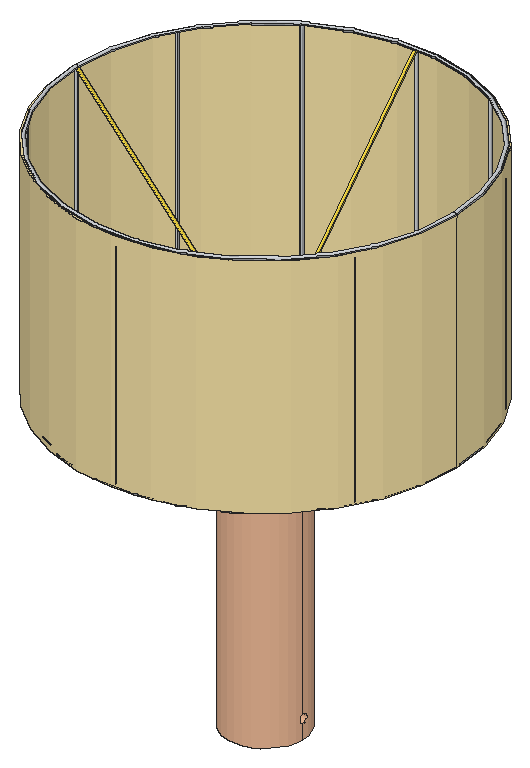
Revit family "Indoor_Table Lamp_Santa&Cole_Moragas", category Luminarias, Revit 2018
Family settings
  Cota de conector redondo = Diámetro de uso
  Tipo de pieza = Normal
  Número OmniClass = 23.80.70.00
  Título OmniClass = Lighting
  Se basa en plano de trabajo = No
  Siempre vertical = Sí
  Corte con vacíos al cargar = No
  Origen de luz = Sí
  Compartido = No
  Punto de cálculo de habitación = No
Parameters
  Wattage = 13.5 W
  Technical Information = "https://www.santacole.com/recursos/productos/downloads/pdf_espec_tecnicas/SC_Moragas_data%20sheet.pdf"
  built-in parameter 1150110 = 1 (stored number, unit not read)
  URL = "https://www.santacole.com/en/catalogue/table-lamps/moragas"
  Manufacturer website = "http://www.santacole.com"
  built-in parameter 1114217 = 1 (stored number, unit not read)
  built-in parameter 1150109 = 1 (stored number, unit not read)
  Energy Label = "https://www.santacole.com/recursos/productos/downloads/pdf_energy_label/Energy%20Label_MORAGAS_with_bulb.pdf"
  Designed by = "Antoni de Moragas i Gallissà. 1957"
  Contact phone = "+34.938.619.100"
  Contact e-mail = "info@santacole.com"
  built-in parameter 1150134 = (empty or 0)
  built-in parameter 1150113 = 1 (stored number, unit not read)
  Modelo = "Moragas"
  Fabricante = "Santa & Cole"
  Lumens = 2005.32 lm
  built-in parameter 1150115 = 1 (stored number, unit not read)
  built-in parameter 1150105 = 159.58 (stored number, unit not read)
  Load = 13.5 W
  Tamaño de símbolo de origen de luz = 50 mm
  built-in parameter 1150137 = (empty or 0)
  built-in parameter 1150139 = (empty or 0)
  built-in parameter 1150112 = 1 (stored number, unit not read)
  built-in parameter 1150114 = 1 (stored number, unit not read)
  Lamp = ""
  built-in parameter 1150132 = (empty or 0)
  built-in parameter 1150102 = (empty or 0)
  built-in parameter 1150138 = (empty or 0)
  built-in parameter 1150107 = 2700 (stored number, unit not read)
  built-in parameter 1150106 = 1.5958 (stored number, unit not read)
  built-in parameter 1150104 = 13.8 (stored number, unit not read)
  Code = "MOL01+MOLP3"
  Dimming Lamp Color Temperature Shift = (empty or 0)
  Color Filter = 16777215
  built-in parameter 1114218 = 1 (stored number, unit not read)
  Assembly instructions - UL = "https://www.santacole.com/recursos/productos/downloads/pdf_montaje/MORAGAS_sobremesa_im_UL.pdf"
  Assembly instructions - CE = "https://www.santacole.com/recursos/productos/downloads/pdf_montaje/MORAGAS_sobremesa_im.pdf"
  built-in parameter 1150133 = 10 (stored number, unit not read)
  Apparent Load = 13.5 VA
Reference planes
  plane 1 "Light Source Axis (F/B)": y = 0
  plane 2: z = 0
  plane 3 "Light Source Axis (L/R)": x = 0
  plane 4 "Light Source Elevation": z = 480
Forms (mm)
  Extrusion 1, solid, material "Santa & Cole - Sapeli Wood"
    sketch origin (0, 0, 0) x (1, 0, 0) y (0, 1, 0)
      loop
        circle (0, 0) r 44.995
    from 0 to 401
  Revolve 2, solid, material "Santa & Cole - Golden"
    sketch origin (0, 0, 0) x (1, 0, 0) y (0, 0, 1)
      loop
        line (-9.998, 448) -> (-9.998, 426.013) -> (-19.999, 426.013) -> (-19.999, 424) -> (-43, 424)
        arc (-43, 424) -> (-44.414, 423.414) -> (-45, 422) r 2
        line (-45, 422) -> (-45, 401) -> (0, 401) -> (0, 450.02)
        arc (0, 450.02) -> (-5.1, 449.51) -> (-9.998, 448) r 25.76
      axis (0, 401) -> (0, 450.02)
    angle from 0 to 360
  Sweep 3, solid, material "Santa & Cole - Golden"
    path origin (0, 0, 0) x (1, 0, 0) y (0, 0, 1)
      loop
        line (222.885, 614.948) -> (45.708, 428.037)
        arc (45.708, 428.037) -> (43.562, 426.541) -> (41, 426.013) r 6.486
        line (41, 426.013) -> (10, 426.013)
    profile origin (25.5, 0, 426.013) x (0, 0, -1) y (0, -1, 0)
      loop
        circle (-1.5, 0) r 1.5
  Revolve 4, solid
    sketch origin (0, 0, 0) x (1, 0, 0) y (0, 0, 1)
      loop
        circle (223, 350.75) r 1.75
      loop
        circle (223, 617.25) r 1.75
      axis (0, 350.75) -> (0, 617.25)
    angle from 0 to 360
  Revolve 5, solid
    sketch origin (0, 0, 0) x (1, 0, 0) y (0, 0, 1)
      loop
        line (223, 615.75) -> (221.25, 615.75) -> (221.25, 352.25) -> (223, 352.25) -> (223, 615.75)
      axis (223, 615.75) -> (223, 352.25)
    angle from 0 to 360
  Revolve 6, solid
    sketch origin (0, 0, 0) x (0.866025, 0.5, 0) y (0, 0, 1)
      loop
        line (223, 615.75) -> (221.25, 615.75) -> (221.25, 352.25) -> (223, 352.25) -> (223, 615.75)
      axis (223, 615.75) -> (223, 352.25)
    angle from 0 to 360
  Revolve 7, solid
    sketch origin (0, 0, 0) x (0.5, 0.866025, 0) y (0, 0, 1)
      loop
        line (223, 615.75) -> (221.25, 615.75) -> (221.25, 352.25) -> (223, 352.25) -> (223, 615.75)
      axis (223, 615.75) -> (223, 352.25)
    angle from 0 to 360
  Revolve 8, solid
    sketch origin (0, 0, 0) x (0, 1, 0) y (0, 0, 1)
      loop
        line (223, 615.75) -> (221.25, 615.75) -> (221.25, 352.25) -> (223, 352.25) -> (223, 615.75)
      axis (223, 615.75) -> (223, 352.25)
    angle from 0 to 360
  Revolve 9, solid
    sketch origin (0, 0, 0) x (-0.5, 0.866025, 0) y (0, 0, 1)
      loop
        line (223, 615.75) -> (221.25, 615.75) -> (221.25, 352.25) -> (223, 352.25) -> (223, 615.75)
      axis (223, 615.75) -> (223, 352.25)
    angle from 0 to 360
  Revolve 10, solid
    sketch origin (0, 0, 0) x (-0.866025, 0.5, 0) y (0, 0, 1)
      loop
        line (223, 615.75) -> (221.25, 615.75) -> (221.25, 352.25) -> (223, 352.25) -> (223, 615.75)
      axis (223, 615.75) -> (223, 352.25)
    angle from 0 to 360
  Revolve 11, solid
    sketch origin (0, 0, 0) x (-1, 0, 0) y (0, 0, 1)
      loop
        line (223, 615.75) -> (221.25, 615.75) -> (221.25, 352.25) -> (223, 352.25) -> (223, 615.75)
      axis (223, 615.75) -> (223, 352.25)
    angle from 0 to 360
  Revolve 12, solid
    sketch origin (0, 0, 0) x (-0.866025, -0.5, 0) y (0, 0, 1)
      loop
        line (223, 615.75) -> (221.25, 615.75) -> (221.25, 352.25) -> (223, 352.25) -> (223, 615.75)
      axis (223, 615.75) -> (223, 352.25)
    angle from 0 to 360
  Revolve 13, solid
    sketch origin (0, 0, 0) x (-0.5, -0.866025, 0) y (0, 0, 1)
      loop
        line (223, 615.75) -> (221.25, 615.75) -> (221.25, 352.25) -> (223, 352.25) -> (223, 615.75)
      axis (223, 615.75) -> (223, 352.25)
    angle from 0 to 360
  Revolve 14, solid
    sketch origin (0, 0, 0) x (0, -1, 0) y (0, 0, 1)
      loop
        line (223, 615.75) -> (221.25, 615.75) -> (221.25, 352.25) -> (223, 352.25) -> (223, 615.75)
      axis (223, 615.75) -> (223, 352.25)
    angle from 0 to 360
  Revolve 15, solid
    sketch origin (0, 0, 0) x (0.5, -0.866025, 0) y (0, 0, 1)
      loop
        line (223, 615.75) -> (221.25, 615.75) -> (221.25, 352.25) -> (223, 352.25) -> (223, 615.75)
      axis (223, 615.75) -> (223, 352.25)
    angle from 0 to 360
  Revolve 16, solid
    sketch origin (0, 0, 0) x (0.866025, -0.5, 0) y (0, 0, 1)
      loop
        line (223, 615.75) -> (221.25, 615.75) -> (221.25, 352.25) -> (223, 352.25) -> (223, 615.75)
      axis (223, 615.75) -> (223, 352.25)
    angle from 0 to 360
  Revolve 17, solid, material "Santa & Cole - Natural Cotton"
    sketch origin (0, 0, 0) x (1, 0, 0) y (0, 0, 1)
      loop
        line (224.75, 617.05) -> (224.75, 350.55) -> (226.5, 350.55) -> (226.5, 617.05) -> (224.75, 617.05)
      axis (0, 350.55) -> (0, 617.05)
    angle from 0 to 360
  Revolve 18, solid
    sketch origin (0, 0, 0) x (0, 1, 0) y (0, 0, 1)
      loop
        line (44.995, 412.422) -> (102.803, 412.422) -> (102.803, 431.54) -> (60.473, 431.54) -> (59.301, 429.786)
        arc (59.301, 429.786) -> (51.384, 428.044) -> (44.995, 423.054) r 18.304
        line (44.995, 423.054) -> (44.995, 412.422)
      axis (102.803, 412.422) -> (44.995, 412.422)
    angle from 0 to 360
  Revolve 19, solid
    sketch origin (0, 0, 0) x (-0.866025, -0.5, 0) y (0, 0, 1)
      loop
        line (44.995, 412.422) -> (102.803, 412.422) -> (102.803, 431.54) -> (60.473, 431.54) -> (59.301, 429.786)
        arc (59.301, 429.786) -> (51.384, 428.044) -> (44.995, 423.054) r 18.304
        line (44.995, 423.054) -> (44.995, 412.422)
      axis (102.803, 412.422) -> (44.995, 412.422)
    angle from 0 to 360
  Revolve 20, solid
    sketch origin (0, 0, 0) x (0.866025, -0.5, 0) y (0, 0, 1)
      loop
        line (44.995, 412.422) -> (102.803, 412.422) -> (102.803, 431.54) -> (60.473, 431.54) -> (59.301, 429.786)
        arc (59.301, 429.786) -> (51.384, 428.044) -> (44.995, 423.054) r 18.304
        line (44.995, 423.054) -> (44.995, 412.422)
      axis (102.803, 412.422) -> (44.995, 412.422)
    angle from 0 to 360
  Revolve 21, void
    sketch origin (0, 0, 0) x (1, 0, 0) y (0, 0, 1)
      loop
        line (24.991, 27.211) -> (24.991, 22) -> (44.995, 22) -> (44.995, 27.211) -> (24.991, 27.211)
      axis (24.991, 22) -> (44.995, 22)
    angle from 0 to 360
  Sweep 22, solid, material "Santa & Cole - Golden"
    path origin (0, 0, 0) x (0, 1, 0) y (0, 0, 1)
      loop
        line (222.885, 614.948) -> (45.708, 428.037)
        arc (45.708, 428.037) -> (43.562, 426.541) -> (41, 426.013) r 6.486
        line (41, 426.013) -> (10, 426.013)
    profile origin (0, 25.5, 426.013) x (0, 0, -1) y (1, 0, 0)
      loop
        circle (-1.5, 0) r 1.5
  Sweep 23, solid, material "Santa & Cole - Golden"
    path origin (0, 0, 0) x (-1, 0, 0) y (0, 0, 1)
      loop
        line (222.885, 614.948) -> (45.708, 428.037)
        arc (45.708, 428.037) -> (43.562, 426.541) -> (41, 426.013) r 6.486
        line (41, 426.013) -> (10, 426.013)
    profile origin (-25.5, 0, 426.013) x (0, 0, -1) y (0, 1, 0)
      loop
        circle (-1.5, 0) r 1.5
  Sweep 24, solid, material "Santa & Cole - Golden"
    path origin (0, 0, 0) x (0, -1, 0) y (0, 0, 1)
      loop
        line (222.885, 614.948) -> (45.708, 428.037)
        arc (45.708, 428.037) -> (43.562, 426.541) -> (41, 426.013) r 6.486
        line (41, 426.013) -> (10, 426.013)
    profile origin (0, -25.5, 426.013) x (0, 0, -1) y (-1, 0, 0)
      loop
        circle (-1.5, 0) r 1.5
Cuts and joins
  Revolve 21 cuts Extrusion 1
Lines and regions (mm)
  model lines, style "Predeterminado", not visible
    curve 1: line (0, -3.75, 375) -> (0, 3.75, 375)
    curve 2: line (0, 3.75, 375) -> (0, -3.75, 375)
    curve 3: line (0, 15, 86.75) -> (0, -15, 86.75)
    curve 4: line (0, -10, 65) -> (0, -15, 82.176)
    curve 5: line (0, -10, 25) -> (0, -10, 65)
    curve 6: line (0, 6.344, 17.27) -> (0, 10, 25)
    curve 7: line (0, -1.951, 15.192) -> (0, 6.344, 17.27)
    curve 8: line (0, -10, 25) -> (0, -1.951, 15.192)
    curve 9: line (0, 10, 25) -> (0, 10, 65)
    curve 10: line (0, 15, 82.176) -> (0, 10, 65)
    curve 11: line (0, 15, 86.75) -> (0, -15, 86.75)
Dimensions and locks
  aligned and locked: plane 3 "Light Source Axis (L/R)" to imposter light
  aligned and locked: plane 1 "Light Source Axis (F/B)" to imposter light
  aligned and locked: plane 4 "Light Source Elevation" to imposter light
  aligned and locked: level to plane 2
